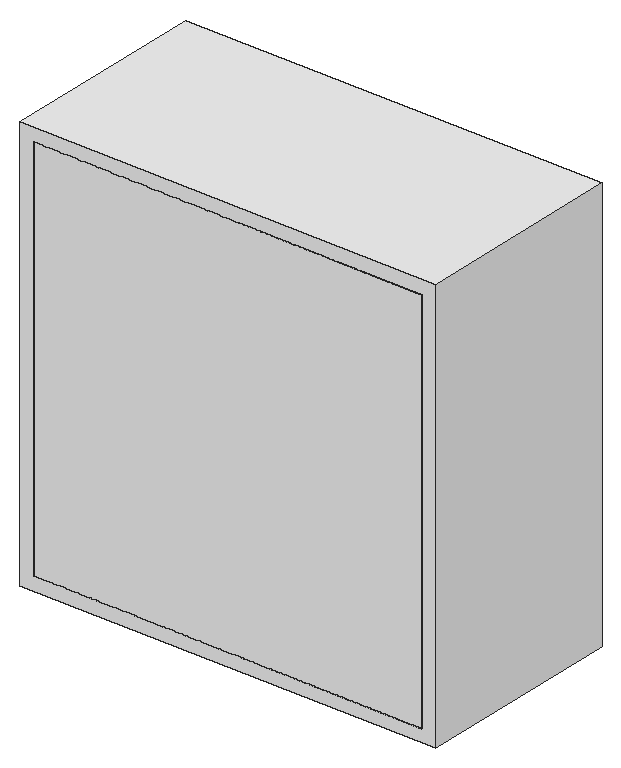
Revit family
Parameters (values of type "600mm")
  Handle Offset X = 45 mm
  Handle Height = 75 mm
  Construction Type = "Design"
  Cabinet Material = Cabinets
  Depth = 300 mm
  Door/Drawer Material = Cabinets
  Handle Material = Cabinets - Handles
  Height = 600 mm
  Top Of Cabinet = 2000 mm
  Width = 600 mm
  Assembly Code = ""
Types (2, lengths in mm): name | Handle Height | Construction Type | Width
  300mm | 100 | "" | 300
  600mm | 75 | "Design" | 600
Reference planes
  plane 1: y = 0
  plane 2: x = 40.321
  plane 3: x = 340.321
  plane 4: x = -259.679
  plane 5 "Underside": z = 1400
  plane 6: z = 2000
  plane 7: y = 376.2
  plane 8: y = 76.2
  plane 9: z = 1700
  plane 10: x = -214.679
Forms (mm)
  Extrusion 1, solid, material "Cabinets" <- "Cabinet Material"
    sketch origin (0, 76.2, 0) x (1, 0, 0) y (0, 0, 1)
      loop
        line (340.321, 2000) -> (-259.679, 2000) -> (-259.679, 1400) -> (340.321, 1400) -> (340.321, 2000)
      loop
        line (321.271, 1980.95) -> (-240.629, 1980.95) -> (-240.629, 1419.05) -> (321.271, 1419.05) -> (321.271, 1980.95)
    from 0 to -300
  Extrusion 2, solid, material "Cabinets" <- "Cabinet Material"
    sketch origin (0, 76.2, 0) x (1, 0, 0) y (0, 0, 1)
      loop
        line (321.271, 1980.95) -> (-240.629, 1980.95) -> (-240.629, 1419.05) -> (321.271, 1419.05) -> (321.271, 1980.95)
    from 0 to -19.05
  Extrusion 3, solid, material "Cabinets" <- "Door/Drawer Material"
    sketch origin (0, 376.2, 0) x (0, 0, 1) y (1, 0, 0)
      loop
        line (1980.95, 321.271) -> (1419.05, 321.271) -> (1419.05, -240.629) -> (1980.95, -240.629) -> (1980.95, 321.271)
    from 12.7 to -19.05
Lines and regions (mm)
  symbolic lines, style "Plan Rep - Above"
    curve 1: line (-259.679, 376.2, 0) -> (340.321, 376.2, 0)
    curve 2: line (-259.679, 76.2, 0) -> (-259.679, 376.2, 0)
    curve 3: line (340.321, 76.2, 0) -> (-259.679, 76.2, 0)
    curve 4: line (340.321, 376.2, 0) -> (340.321, 76.2, 0)
  symbolic lines, style "Elevation Swing"
    curve 5: line (-240.629, 0, 1980.95) -> (321.271, 0, 1700)
    curve 6: line (321.271, 0, 1700) -> (-240.629, 0, 1419.05)
Text (mm)
  text "Placement Side" at (0, 289.19, 3124.603), in view "Right"
  text "Placement Side" at (-1184.557, 703.829, 0), in view "Ref. Level"
  text "Placement Side" at (0, 714.322, 2932.998), in view "Left"
Dimensions and locks
  equal spacing: plane 4, plane 2, plane 3
  "Width": plane 4 to plane 3
  "Depth": plane 8 to plane 7
  equal spacing: plane 5 "Underside", plane 9, plane 6
  "Top Of Cabinet": level to plane 6
  "Height": plane 5 "Underside" to plane 6
  "Handle Offset X": plane 10 to plane 4
  aligned and locked: plane 8 to host wall
  aligned and locked: plane 7 to Extrusion 1
  aligned and locked: Extrusion 2 sketch curve to Extrusion 1  (x4)
  aligned and locked: nested 1 to plane 10
  aligned and locked: nested 1 to Extrusion 3
Automatic sketch dimensions
  Extrusion 1 sketch curve to plane 4 = 0 mm
  Extrusion 1 sketch curve to plane 3 = 0 mm
  Extrusion 1 sketch curve to plane 5 "Underside" = 0 mm
  Extrusion 1 sketch curve to plane 6 = 0 mm
  plane 4 to Extrusion 1 sketch curve = 19.05 mm
  Extrusion 1 sketch curve to plane 3 = 19.05 mm
  Extrusion 1 sketch curve to plane 5 "Underside" = 19.05 mm
  plane 6 to Extrusion 1 sketch curve = 19.05 mm
  plane 4 to Extrusion 3 sketch curve = 19.05 mm
  Extrusion 3 sketch curve to plane 5 "Underside" = 19.05 mm
  plane 6 to Extrusion 3 sketch curve = 19.05 mm
  Extrusion 3 sketch curve to plane 3 = 19.05 mm
  curve 3 to host wall = 0 mm
  curve 3 to plane 4 = 0 mm
  curve 3 to plane 3 = 0 mm
  curve 2 to plane 7 = 0 mm
  curve 6 to plane 9 = 0 mm
  plane 6 to curve 5 = 19.05 mm
  curve 6 to plane 5 "Underside" = 19.05 mm
  curve 6 to plane 3 = 19.05 mm
  plane 4 to curve 5 = 19.05 mm
  plane 4 to curve 6 = 19.05 mm
Nested families
  nested 1: "Cupbd Handle-D (NZ)" at (-214.679, 388.9, 1474.21), type "Cupbd Handle-D (NZ)"
Definition of nested family "Cupbd Handle-D (NZ)"
  Parameters
    Handle Material = none
    Default Elevation = 1219.2 mm
  Reference planes
    plane 1 "Center (Front/Back)": y = 0
    plane 2: z = 0
    plane 3 "Center (Left/Right)": x = 0
  Forms (mm)
    Sweep 1, solid, material "Cabinets - Handles" <- "Handle Material"
      path origin (0, -388.9, -1450.7) x (0, 1, 0) y (0, 0, 1)
        loop
          line (388.9, 1552.4) -> (401.6, 1552.4)
          arc (401.6, 1552.4) -> (410.58, 1548.68) -> (414.3, 1539.7) r 12.7
          line (414.3, 1539.7) -> (414.3, 1463.5)
          arc (414.3, 1463.5) -> (410.58, 1454.52) -> (401.6, 1450.8) r 12.7
          line (401.6, 1450.8) -> (388.9, 1450.8)
      profile origin (-88.479, 6.35, 0) x (0, 0, 1) y (1, 0, 0)
        loop
          circle (101.7, 88.479) r 6.35
  Dimensions and locks
    aligned and locked: Sweep 1 to plane 1 "Center (Front/Back)"
